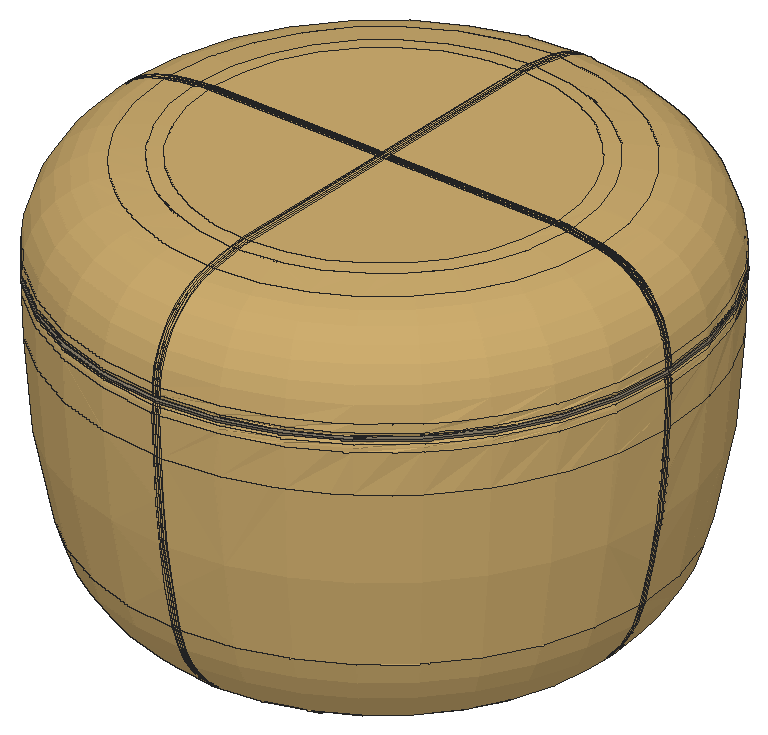
Revit family "okamura_MS36MSN_Lives Pouf_Φ600 H420_1", category Furniture, Revit 2017
Family settings
  OmniClass Number = 23.40.20.00
  OmniClass Title = General Furniture and Specialties
  Work Plane-Based = No
  Always vertical = Yes
  Cut with Voids When Loaded = No
  Shared = No
  Room Calculation Point = No
Parameters (values of type "FNW7（Yellow）")
  Serial No. [instance] = ""
  Remarks = ""
  Product Specifications [instance] = "Φ600 H420"  # constant formula
  Product Number = "MS36MSN"  # constant formula
  Product Name [instance] = "Lives Pouf"  # constant formula
  Product Code [instance] = "MS36MSN"  # constant formula
  Product Categories = "Collaboration"  # constant formula
  Manufacturer = "Okamura Corporation"  # constant formula
  Kind = "Stool"  # constant formula
  Introduction Date [instance] = ""
  Groove = okm_XW7
  Tag = okm_PE76
  Keynote = "12490"  # constant formula
  Common Specification = ""
  Color Name [instance] = "Yellow"
  Color Code [instance] = "FXW7"
  Body = okm_FXW7
  Ball edge = okm_FKY9
  Assembly Code = "E2020200"
  W = 600.0 mm  # constant formula
  URL = "http://www.okamura.co.jp/"
  Product_URL = ""
  ID [instance] = ""
  H = 420.0 mm  # constant formula
  D = 600.0 mm  # constant formula
  Copyright [instance] = "©2021.01 okamura Corp."  # constant formula
Types (10, lengths in mm): name | Groove | Tag | Color Name | Color Code | Body | Ball edge
  FNW2（Beige） | okm_XW2 | okm_P346 | "Beige" | "FNW2" | okm_FXW2 | okm_FKY7
  FNW3（Dark brown） | okm_XW3 | okm_P346 | "Dark brown" | "FNW3" | okm_FXW3 | okm_FKY3
  FNW1（Gray） | okm_XW1 | okm_P601 | "Gray" | "FNW1" | okm_FXW1 | okm_FKY2
  FNW4（Indigo） | okm_XW4 | okm_P601 | "Indigo" | "FNW4" | okm_FXW4 | okm_FKY4
  FNW9（Sage） | okm_XW9 | okm_P601 | "Sage" | "FXW9" | okm_FXW9 | okm_FKY6
  FNW5（Dark green） | okm_XW5 | okm_PE76 | "Dark green" | "FNW5" | okm_FXW5 | okm_FKY5
  FNW7（Yellow） | okm_XW7 | okm_PE76 | "Yellow" | "FXW7" | okm_FXW7 | okm_FKY9
  FNW6（Terracotta） | okm_XW6 | okm_PE77 | "Terracotta" | "FNW6" | okm_FXW6 | okm_FKY8
  FNW8（Pale pink） | okm_XW8 | okm_PE77 | "Pale pink" | "FXW8" | okm_FXW8 | okm_FKZ7
  FNW0（Dark gray） | okm_XW0 | okm_P601 | "Dark gray" | "FNW0" | okm_FXW0 | okm_FKY1
Reference planes
  plane 1 "Center (Front/Back)": y = -225
  plane 2: z = 0
  plane 3 "Center (Left/Right)": x = 0
  plane 4 "上": z = 420
  plane 5 "Back": y = 75
  plane 6 "Front": y = -525
  plane 7 "Left": x = -300
  plane 8 "Right": x = 300
Forms (mm)
  Revolve 1, solid, material "okm_FXW7" <- "Body"
    sketch origin (0, -225, 0) x (1, 0, 0) y (0, 0, 1)
      loop
        line (0, 420) -> (-181.277, 420)
        arc (-181.277, 420) -> (-188.916, 419.708) -> (-196.51, 418.833) r 100
        line (-196.51, 418.833) -> (-227.124, 414.115)
        arc (-227.124, 414.115) -> (-277.452, 386.863) -> (-299.093, 333.88) r 85
        line (-299.093, 333.88) -> (-299.459, 325.635)
        arc (-299.459, 325.635) -> (-299.308, 324.174) -> (-298.739, 322.82) r 5
        line (-298.739, 322.82) -> (-296.875, 319.747) -> (-298.626, 314.548)
        arc (-298.626, 314.548) -> (-299.463, 311.039) -> (-299.657, 307.437) r 20
        line (-299.657, 307.437) -> (-298.164, 266.509)
        arc (-298.164, 266.509) -> (-290.094, 178.686) -> (-272.407, 92.286) r 800
        arc (-272.407, 92.286) -> (-252.651, 48.971) -> (-219.522, 14.781) r 140
        arc (-219.522, 14.781) -> (-211.139, 10.494) -> (-201.84, 9.017) r 30
        line (-201.84, 9.017) -> (0, 9.017) -> (0, 420)
      axis (0, 420) -> (0, 9.017)
    angle from 0 to 360
  Revolve 2, solid, material "okm_FKY9" <- "Ball edge"
    sketch origin (0, -225, -1.055) x (1, 0, 0) y (0, 0, 1)
      loop
        circle (-297.046, 321.103) r 3
      axis (0, 321.103) -> (0, 320.103)
    angle from 0 to 360
  Extrusion 3, solid, material "okm_PE76" <- "Tag"
    sketch origin (0, 75.313, -0.625) x (0, 1, 0) y (0, 0, 1)
      loop
        line (37.534, 298.825) -> (34.019, 302.212)
        arc (34.019, 302.212) -> (28.992, 306.545) -> (23.517, 310.297) r 60
        line (23.517, 310.297) -> (22.306, 311.031)
        arc (22.306, 311.031) -> (15.941, 314.158) -> (9.124, 316.112) r 40
        line (9.124, 316.112) -> (-6.397, 319.103) -> (-7.043, 317.271) -> (8.521, 311.777)
        arc (8.521, 311.777) -> (15.548, 307.503) -> (20.261, 300.762) r 20
        line (20.261, 300.762) -> (23.616, 292.896)
        arc (23.616, 292.896) -> (30.506, 284.383) -> (40.846, 280.775) r 20
        line (40.846, 280.775) -> (43.291, 280.632)
        arc (43.291, 280.632) -> (46.401, 282.175) -> (46.653, 285.637) r 3.5
        line (46.653, 285.637) -> (45.865, 287.284)
        arc (45.865, 287.284) -> (42.217, 293.428) -> (37.534, 298.825) r 40
      loop
        arc (32.978, 301.132) -> (28.077, 305.357) -> (22.739, 309.014) r 58.5
        line (22.739, 309.014) -> (21.528, 309.749)
        arc (21.528, 309.749) -> (15.402, 312.759) -> (8.84, 314.639) r 38.5
        line (8.84, 314.639) -> (0.205, 316.303) -> (9.021, 313.191)
        arc (9.021, 313.191) -> (16.575, 308.597) -> (21.641, 301.351) r 21.5
        line (21.641, 301.351) -> (24.995, 293.485)
        arc (24.995, 293.485) -> (31.369, 285.61) -> (40.934, 282.273) r 18.5
        line (40.934, 282.273) -> (43.379, 282.13)
        arc (43.379, 282.13) -> (45.156, 283.011) -> (45.3, 284.99) r 2
        line (45.3, 284.99) -> (44.512, 286.636)
        arc (44.512, 286.636) -> (41.001, 292.55) -> (36.494, 297.745) r 38.5
        line (36.494, 297.745) -> (32.978, 301.132)
    from -23.845 to 24.327
  Revolve 4, solid, material "okm_G155"
    sketch origin (4349.354, -51.531, -213.314) x (0, 0, -1) y (1, 0, 0)
      loop
        line (-215.382, -4430.948) -> (-213.314, -4428.713) -> (-213.314, -4420.694) -> (-220.474, -4420.694) -> (-220.474, -4431.166) -> (-215.382, -4430.948)
      axis (-220.474, -4420.694) -> (-213.314, -4420.694)
    angle from 0 to 360
  Revolve 5, solid, material "okm_G155"
    sketch origin (4247.045, -153.645, -213.314) x (0, 0, -1) y (-1, 0, 0)
      loop
        line (-215.382, 4430.948) -> (-220.474, 4431.166) -> (-220.474, 4420.694) -> (-213.314, 4420.694) -> (-213.314, 4428.713) -> (-215.382, 4430.948)
      axis (-220.474, 4420.694) -> (-213.314, 4420.694)
    angle from 0 to 360
  Extrusion 6, void
    sketch origin (0, 0, 0) x (0, 1, 0) y (0, 0, 1)
      loop
        line (-220.775, -45.103) -> (-220.775, 475) -> (-229.225, 475) -> (-229.225, -45.103) -> (-220.775, -45.103)
    from -318.175 to 312.836
  Extrusion 7, void
    sketch origin (225, -225, 0) x (1, 0, 0) y (0, 0, -1)
      loop
        line (-220.775, 45.103) -> (-229.225, 45.103) -> (-229.225, -475) -> (-220.775, -475) -> (-220.775, 45.103)
    from -327.121 to 360
  Sweep 8, solid, material "okm_XW7" <- "Groove"
    path origin (0, -225, 0) x (1, 0, 0) y (0, 0, 1)
      loop
        arc (202.79, 9.033) -> (211.568, 10.652) -> (219.482, 14.782) r 30.01
        arc (219.482, 14.782) -> (252.616, 48.972) -> (272.376, 92.29) r 140
        arc (272.376, 92.29) -> (290.064, 178.688) -> (298.134, 266.508) r 799.909
        line (298.134, 266.508) -> (299.628, 307.437)
        arc (299.628, 307.437) -> (299.433, 311.039) -> (298.596, 314.548) r 20
        line (298.596, 314.548) -> (296.845, 319.747) -> (298.709, 322.82)
        arc (298.709, 322.82) -> (299.278, 324.174) -> (299.429, 325.635) r 5
        line (299.429, 325.635) -> (299.063, 333.879)
        arc (299.063, 333.879) -> (277.421, 386.862) -> (227.092, 414.114) r 85
        line (227.092, 414.114) -> (196.461, 418.834)
        arc (196.461, 418.834) -> (188.869, 419.708) -> (181.232, 420) r 100
        line (181.232, 420) -> (-181.232, 420)
        arc (-181.232, 420) -> (-188.869, 419.708) -> (-196.461, 418.834) r 100
        line (-196.461, 418.834) -> (-227.092, 414.114)
        arc (-227.092, 414.114) -> (-277.421, 386.862) -> (-299.063, 333.879) r 85
        line (-299.063, 333.879) -> (-299.429, 325.635)
        arc (-299.429, 325.635) -> (-299.278, 324.174) -> (-298.709, 322.82) r 5
        line (-298.709, 322.82) -> (-296.845, 319.747) -> (-298.596, 314.548)
        arc (-298.596, 314.548) -> (-299.433, 311.039) -> (-299.628, 307.437) r 20
        line (-299.628, 307.437) -> (-298.134, 266.508)
        arc (-298.134, 266.508) -> (-290.064, 178.688) -> (-272.376, 92.29) r 799.909
        arc (-272.376, 92.29) -> (-252.616, 48.972) -> (-219.482, 14.782) r 140
        arc (-219.482, 14.782) -> (-211.568, 10.652) -> (-202.79, 9.033) r 30.01
    profile origin (0, -225, 420) x (0, 0, -1) y (0, -1, 0)
      loop
        arc (0, 1) -> (0.119, 0.451) -> (0.453, 0) r 1.33
        arc (0.453, 0) -> (0.119, -0.451) -> (0, -1) r 1.33
        line (0, -1) -> (0, -3)
        arc (0, -3) -> (0.282, -3.791) -> (1, -4.225) r 1.25
        line (1, -4.225) -> (1, 4.225)
        arc (1, 4.225) -> (0.282, 3.791) -> (0, 3) r 1.25
        line (0, 3) -> (0, 1)
  Sweep 9, solid, material "okm_XW7" <- "Groove"
    path origin (0, -225, 0) x (0, 1, 0) y (0, 0, -1)
      loop
        arc (202.79, -9.033) -> (211.568, -10.652) -> (219.482, -14.782) r 30.01
        arc (219.482, -14.782) -> (252.616, -48.972) -> (272.376, -92.29) r 140
        arc (272.376, -92.29) -> (290.064, -178.688) -> (298.134, -266.508) r 799.909
        line (298.134, -266.508) -> (299.628, -307.437)
        arc (299.628, -307.437) -> (299.433, -311.039) -> (298.596, -314.548) r 20
        line (298.596, -314.548) -> (296.845, -319.747) -> (298.709, -322.82)
        arc (298.709, -322.82) -> (299.278, -324.174) -> (299.429, -325.635) r 5
        line (299.429, -325.635) -> (299.063, -333.879)
        arc (299.063, -333.879) -> (277.421, -386.862) -> (227.092, -414.114) r 85
        line (227.092, -414.114) -> (196.461, -418.834)
        arc (196.461, -418.834) -> (188.869, -419.708) -> (181.232, -420) r 100
        line (181.232, -420) -> (-181.232, -420)
        arc (-181.232, -420) -> (-188.869, -419.708) -> (-196.461, -418.834) r 100
        line (-196.461, -418.834) -> (-227.092, -414.114)
        arc (-227.092, -414.114) -> (-277.421, -386.862) -> (-299.063, -333.879) r 85
        line (-299.063, -333.879) -> (-299.429, -325.635)
        arc (-299.429, -325.635) -> (-299.278, -324.174) -> (-298.709, -322.82) r 5
        line (-298.709, -322.82) -> (-296.845, -319.747) -> (-298.596, -314.548)
        arc (-298.596, -314.548) -> (-299.433, -311.039) -> (-299.628, -307.437) r 20
        line (-299.628, -307.437) -> (-298.134, -266.508)
        arc (-298.134, -266.508) -> (-290.064, -178.688) -> (-272.376, -92.29) r 799.909
        arc (-272.376, -92.29) -> (-252.616, -48.972) -> (-219.482, -14.782) r 140
        arc (-219.482, -14.782) -> (-211.568, -10.652) -> (-202.79, -9.033) r 30.01
    profile origin (0, -225, 420) x (0, 0, 1) y (-1, 0, 0)
      loop
        line (0, 1) -> (0, 3)
        arc (0, 3) -> (-0.282, 3.791) -> (-1, 4.225) r 1.25
        line (-1, 4.225) -> (-1, -4.225)
        arc (-1, -4.225) -> (-0.282, -3.791) -> (0, -3) r 1.25
        line (0, -3) -> (0, -1)
        arc (0, -1) -> (-0.119, -0.451) -> (-0.453, 0) r 1.33
        arc (-0.453, 0) -> (-0.119, 0.451) -> (0, 1) r 1.33
  Revolve 10, solid, material "okm_G155"
    sketch origin (-4349.354, -51.531, -213.314) x (0, 0, -1) y (1, 0, 0)
      loop
        line (-215.382, 4430.948) -> (-220.474, 4431.166) -> (-220.474, 4420.694) -> (-213.314, 4420.694) -> (-213.314, 4428.713) -> (-215.382, 4430.948)
      axis (-220.474, 4420.694) -> (-213.314, 4420.694)
    angle from 0 to 360
  Revolve 11, solid, material "okm_G155"
    sketch origin (-4247.045, -153.645, -213.314) x (0, 0, -1) y (-1, 0, 0)
      loop
        line (-215.382, -4430.948) -> (-213.314, -4428.713) -> (-213.314, -4420.694) -> (-220.474, -4420.694) -> (-220.474, -4431.166) -> (-215.382, -4430.948)
      axis (-220.474, -4420.694) -> (-213.314, -4420.694)
    angle from 0 to 360
  Revolve 12, solid, material "okm_G155"
    sketch origin (4349.354, -398.469, -213.314) x (0, 0, -1) y (-1, 0, 0)
      loop
        line (-215.382, 4430.948) -> (-220.474, 4431.166) -> (-220.474, 4420.694) -> (-213.314, 4420.694) -> (-213.314, 4428.713) -> (-215.382, 4430.948)
      axis (-220.474, 4420.694) -> (-213.314, 4420.694)
    angle from 0 to 360
  Revolve 13, solid, material "okm_G155"
    sketch origin (4247.045, -296.355, -213.314) x (0, 0, -1) y (1, 0, 0)
      loop
        line (-215.382, -4430.948) -> (-213.314, -4428.713) -> (-213.314, -4420.694) -> (-220.474, -4420.694) -> (-220.474, -4431.166) -> (-215.382, -4430.948)
      axis (-220.474, -4420.694) -> (-213.314, -4420.694)
    angle from 0 to 360
  Revolve 14, solid, material "okm_G155"
    sketch origin (-4349.354, -398.469, -213.314) x (0, 0, -1) y (-1, 0, 0)
      loop
        line (-215.382, -4430.948) -> (-213.314, -4428.713) -> (-213.314, -4420.694) -> (-220.474, -4420.694) -> (-220.474, -4431.166) -> (-215.382, -4430.948)
      axis (-220.474, -4420.694) -> (-213.314, -4420.694)
    angle from 0 to 360
  Revolve 15, solid, material "okm_G155"
    sketch origin (-4247.045, -296.355, -213.314) x (0, 0, -1) y (1, 0, 0)
      loop
        line (-215.382, 4430.948) -> (-220.474, 4431.166) -> (-220.474, 4420.694) -> (-213.314, 4420.694) -> (-213.314, 4428.713) -> (-215.382, 4430.948)
      axis (-220.474, 4420.694) -> (-213.314, 4420.694)
    angle from 0 to 360
  Extrusion 16, solid, material "okm_G155"
    sketch origin (0, 0, 0) x (1, 0, 0) y (0, 1, 0)
      loop
        circle (0, -225) r 203.767
    from 6.992 to 9.82
Cuts and joins
  Extrusion 6, Extrusion 7 cuts Revolve 1
  Extrusion 6, Extrusion 7 cuts Revolve 4
  Extrusion 6, Extrusion 7 cuts Revolve 5
  joined: Revolve 4, Revolve 5, Revolve 10, Revolve 11, Revolve 12, Revolve 13, Revolve 14, Revolve 15, Extrusion 16
Lines and regions (mm)
  Masking region 1
    outline origin (0, 0, 0) x (1, 0, 0) y (0, 1, 0)
      loop
        circle (-0.001, -224.999) r 300
  symbolic lines, style "okm_標準・詳細", detail levels medium+fine
    curve 1: circle (0.001, -225.001, 0) r 300 normal (0, 0, 1)
  symbolic lines, style "okm_簡略", detail levels coarse
    curve 2: circle (-0.001, -224.999, 0) r 300 normal (0, 0, 1)
Dimensions and locks
  "H": plane 4 "上" to level
  "W": plane 7 "Left" to plane 8 "Right"
  equal spacing: plane 7 "Left", plane 3 "Center (Left/Right)", plane 8 "Right"
  "D": plane 6 "Front" to plane 5 "Back"
  equal spacing: plane 6 "Front", plane 1 "Center (Front/Back)", plane 5 "Back"
  aligned and locked: level to plane 2
Automatic sketch dimensions
  curve 2 to plane 3 "Center (Left/Right)" = 0.001 mm
  plane 3 "Center (Left/Right)" to curve 1 = 0.001 mm
  plane 1 "Center (Front/Back)" to curve 1 = 0.001 mm
  curve 2 to plane 1 "Center (Front/Back)" = 0.001 mm
  Revolve 1 sketch curve to plane 4 "上" = 0.0 mm
  Revolve 1 sketch curve to plane 3 "Center (Left/Right)" = 0.0 mm  (x2)
  Revolve 1 sketch curve to plane 4 "上" = 1.167 mm
  Revolve 1 sketch curve to Revolve 1 sketch curve = 15.232 mm
  Revolve 1 sketch curve to Revolve 1 sketch curve = 14.793 mm
  Revolve 1 sketch curve to Revolve 1 sketch curve = 2.411 mm
  Revolve 1 sketch curve to Revolve 1 sketch curve = 18.493 mm
  Revolve 1 sketch curve to Revolve 1 sketch curve = 1.75 mm
  Revolve 1 sketch curve to Revolve 1 sketch curve = 1.864 mm
  Revolve 1 sketch curve to Revolve 1 sketch curve = 4.629 mm
  Revolve 1 sketch curve to Revolve 1 sketch curve = 0.72 mm
  Revolve 1 sketch curve to Revolve 1 sketch curve = 1.032 mm
  Revolve 1 sketch curve to plane 4 "上" = 124.316 mm
  Revolve 1 sketch curve to Revolve 1 sketch curve = 53.491 mm
  level to Revolve 1 sketch curve = 127.881 mm
  level to Revolve 1 sketch curve = 39.017 mm
  level to Revolve 1 sketch curve = 9.017 mm
  Revolve 1 sketch curve to Revolve 1 sketch curve = 40.929 mm
  Revolve 1 sketch curve to Revolve 1 sketch curve = 0.729 mm
  Revolve 1 sketch curve to Revolve 1 sketch curve = 5.199 mm
  Revolve 1 sketch curve to Revolve 1 sketch curve = 3.073 mm
  Revolve 1 sketch curve to Revolve 1 sketch curve = 2.593 mm
  Revolve 1 sketch curve to Revolve 1 sketch curve = 10.107 mm
  Revolve 1 sketch curve to Revolve 1 sketch curve = 8.245 mm
  Revolve 1 sketch curve to Revolve 1 sketch curve = 0.0 mm
  Revolve 1 sketch curve to level = 440.494 mm
  plane 4 "上" to Revolve 1 sketch curve = 1497.414 mm
  plane 3 "Center (Left/Right)" to Revolve 2 sketch curve = 0.0 mm
  Revolve 2 sketch curve to plane 4 "上" = 99.952 mm
  Revolve 2 sketch curve to level = 441.549 mm
  plane 4 "上" to Revolve 2 sketch curve = 1496.36 mm
  Extrusion 3 sketch curve to Extrusion 3 sketch curve = 0.0 mm  (x18)
  Extrusion 3 sketch curve to Extrusion 3 sketch curve = 0.565 mm
  Extrusion 3 sketch curve to Extrusion 3 sketch curve = 0.647 mm  (x2)
  Extrusion 3 sketch curve to Extrusion 3 sketch curve = 6.602 mm
  Extrusion 3 sketch curve to Extrusion 3 sketch curve = 9.165 mm
  Extrusion 3 sketch curve to Extrusion 3 sketch curve = 0.308 mm
  Extrusion 3 sketch curve to Extrusion 3 sketch curve = 8.316 mm
  Extrusion 3 sketch curve to Extrusion 3 sketch curve = 0.319 mm
  Extrusion 3 sketch curve to Extrusion 3 sketch curve = 0.181 mm
  Extrusion 3 sketch curve to Extrusion 3 sketch curve = 0.284 mm
  Extrusion 3 sketch curve to Extrusion 3 sketch curve = 8.227 mm
  Extrusion 3 sketch curve to Extrusion 3 sketch curve = 11.74 mm
  Extrusion 3 sketch curve to Extrusion 3 sketch curve = 1.267 mm
  Extrusion 3 sketch curve to Extrusion 3 sketch curve = 1.38 mm  (x2)
  Extrusion 3 sketch curve to Extrusion 3 sketch curve = 0.778 mm
  Extrusion 3 sketch curve to Extrusion 3 sketch curve = 1.211 mm  (x2)
  Extrusion 3 sketch curve to Extrusion 3 sketch curve = 3.354 mm
  Extrusion 3 sketch curve to Extrusion 3 sketch curve = 7.982 mm
  Extrusion 3 sketch curve to Extrusion 3 sketch curve = 1.041 mm  (x2)
  Extrusion 3 sketch curve to Extrusion 3 sketch curve = 3.516 mm
  Extrusion 3 sketch curve to Extrusion 3 sketch curve = 4.353 mm
  Extrusion 3 sketch curve to Extrusion 3 sketch curve = 0.087 mm  (x2)
  Extrusion 3 sketch curve to Extrusion 3 sketch curve = 4.478 mm
  Extrusion 3 sketch curve to Extrusion 3 sketch curve = 2.445 mm
  Extrusion 3 sketch curve to Extrusion 3 sketch curve = 0.117 mm
  Extrusion 3 sketch curve to Extrusion 3 sketch curve = 1.016 mm
  Extrusion 3 sketch curve to Extrusion 3 sketch curve = 0.788 mm
  Extrusion 3 sketch curve to Extrusion 3 sketch curve = 1.353 mm  (x2)
  Extrusion 3 sketch curve to plane 4 "上" = 161.623 mm
  Extrusion 3 sketch curve to Extrusion 3 sketch curve = 11.017 mm
  Extrusion 3 sketch curve to Extrusion 3 sketch curve = 6.816 mm
  Extrusion 3 sketch curve to Extrusion 3 sketch curve = 10.614 mm
  Extrusion 3 sketch curve to Extrusion 3 sketch curve = 0.143 mm
  Extrusion 3 sketch curve to Extrusion 3 sketch curve = 1.497 mm  (x2)
  Extrusion 3 sketch curve to Extrusion 3 sketch curve = 1.997 mm
  Extrusion 3 sketch curve to Extrusion 3 sketch curve = 1.646 mm
  Extrusion 3 sketch curve to Extrusion 3 sketch curve = 4.849 mm
  Extrusion 3 sketch curve to Extrusion 3 sketch curve = 16.083 mm
  Extrusion 3 sketch curve to Extrusion 3 sketch curve = 7.866 mm
  Extrusion 3 sketch curve to Extrusion 3 sketch curve = 3.387 mm
  Extrusion 3 sketch curve to Extrusion 3 sketch curve = 0.588 mm
  Extrusion 3 sketch curve to Extrusion 3 sketch curve = 1.08 mm
  Extrusion 3 sketch curve to Extrusion 3 sketch curve = 0.735 mm  (x2)
  Extrusion 3 sketch curve to Extrusion 3 sketch curve = 1.664 mm
  Extrusion 3 sketch curve to Extrusion 3 sketch curve = 0.968 mm
  Revolve 4 sketch curve to level = 0.0 mm  (x2)
  level to Revolve 4 sketch curve = 2.069 mm
  level to Revolve 4 sketch curve = 7.161 mm
  Revolve 4 sketch curve to plane 3 "Center (Left/Right)" = 81.812 mm
  Revolve 4 sketch curve to Revolve 4 sketch curve = 0.219 mm
  Revolve 4 sketch curve to Revolve 4 sketch curve = 2.234 mm
  Revolve 4 sketch curve to Revolve 4 sketch curve = 8.02 mm
  Revolve 4 sketch curve to Revolve 4 sketch curve = 8.149 mm
  Revolve 4 sketch curve to Revolve 4 sketch curve = 0.0 mm
  Revolve 5 sketch curve to level = 0.0 mm  (x2)
  level to Revolve 5 sketch curve = 2.069 mm
  level to Revolve 5 sketch curve = 7.161 mm
  Revolve 5 sketch curve to Revolve 5 sketch curve = 8.02 mm
  Revolve 5 sketch curve to Revolve 5 sketch curve = 2.234 mm
  Revolve 5 sketch curve to Revolve 5 sketch curve = 0.219 mm
  Revolve 5 sketch curve to Revolve 5 sketch curve = 8.149 mm
  Revolve 5 sketch curve to Revolve 5 sketch curve = 0.0 mm
  plane 1 "Center (Front/Back)" to Extrusion 6 sketch curve = 4.225 mm
  Extrusion 6 sketch curve to plane 1 "Center (Front/Back)" = 4.225 mm
  Extrusion 6 sketch curve to level = 45.103 mm
  plane 4 "上" to Extrusion 6 sketch curve = 55.0 mm
  Extrusion 7 sketch curve to plane 3 "Center (Left/Right)" = 4.225 mm
  plane 3 "Center (Left/Right)" to Extrusion 7 sketch curve = 4.225 mm
  plane 4 "上" to Extrusion 7 sketch curve = 55.0 mm
  Extrusion 7 sketch curve to level = 45.103 mm
  Masking region 1 sketch curve to plane 3 "Center (Left/Right)" = 0.001 mm
  Masking region 1 sketch curve to plane 1 "Center (Front/Back)" = 0.001 mm
  Sweep 8 sketch curve to plane 4 "上" = 0.0 mm
  Sweep 8 sketch curve to plane 4 "上" = 124.317 mm  (x2)
  Sweep 8 sketch curve to Sweep 8 sketch curve = 0.198 mm
  Sweep 8 sketch curve to Sweep 8 sketch curve = 0.366 mm
  Sweep 8 sketch curve to Sweep 8 sketch curve = 0.72 mm  (x2)
  Sweep 8 sketch curve to Sweep 8 sketch curve = 1.032 mm  (x2)
  Sweep 8 sketch curve to Sweep 8 sketch curve = 1.494 mm
  Sweep 8 sketch curve to Sweep 8 sketch curve = 1.864 mm  (x2)
  Sweep 8 sketch curve to Sweep 8 sketch curve = 4.995 mm
  Sweep 8 sketch curve to Sweep 8 sketch curve = 18.955 mm
  Sweep 8 sketch curve to plane 4 "上" = 1.166 mm  (x2)
  Sweep 8 sketch curve to Sweep 8 sketch curve = 32.915 mm  (x2)
  Sweep 8 sketch curve to Sweep 8 sketch curve = 15.229 mm  (x2)
  Sweep 8 sketch curve to Sweep 8 sketch curve = 14.793 mm
  Sweep 8 sketch curve to Sweep 8 sketch curve = 2.411 mm
  Sweep 8 sketch curve to Sweep 8 sketch curve = 18.493 mm
  Sweep 8 sketch curve to Sweep 8 sketch curve = 1.75 mm
  Sweep 8 sketch curve to Sweep 8 sketch curve = 4.629 mm
  Sweep 8 sketch curve to Sweep 8 sketch curve = 201.616 mm
  Sweep 8 sketch curve to Sweep 8 sketch curve = 53.492 mm  (x2)
  level to Sweep 8 sketch curve = 127.888 mm  (x2)
  level to Sweep 8 sketch curve = 39.027 mm  (x2)
  Sweep 8 sketch curve to Sweep 8 sketch curve = 40.929 mm  (x2)
  Sweep 8 sketch curve to Sweep 8 sketch curve = 0.729 mm  (x2)
  Sweep 8 sketch curve to Sweep 8 sketch curve = 5.199 mm  (x2)
  Sweep 8 sketch curve to Sweep 8 sketch curve = 3.073 mm  (x2)
  Sweep 8 sketch curve to Sweep 8 sketch curve = 2.593 mm  (x2)
  Sweep 8 sketch curve to Sweep 8 sketch curve = 10.105 mm  (x2)
  Sweep 8 sketch curve to Sweep 8 sketch curve = 8.244 mm  (x2)
  Sweep 8 sketch curve to Sweep 8 sketch curve = 0.0 mm  (x3)
  level to Sweep 8 sketch curve = 9.033 mm  (x2)
  Sweep 8 sketch curve to profile plane = 0.0 mm  (x3)
  Sweep 8 sketch curve to profile plane = 1.0 mm
  Sweep 8 sketch curve to Sweep 8 sketch curve = 0.25 mm  (x2)
  Sweep 8 sketch curve to Sweep 8 sketch curve = 1.33 mm  (x2)
  profile plane to Sweep 8 sketch curve = 1.0 mm
  Sweep 8 sketch curve to Sweep 8 sketch curve = 2.0 mm  (x2)
  Sweep 9 sketch curve to plane 4 "上" = 0.0 mm
  Sweep 9 sketch curve to plane 4 "上" = 124.317 mm  (x2)
  Sweep 9 sketch curve to Sweep 9 sketch curve = 0.198 mm
  Sweep 9 sketch curve to Sweep 9 sketch curve = 0.366 mm
  Sweep 9 sketch curve to Sweep 9 sketch curve = 0.72 mm  (x2)
  Sweep 9 sketch curve to Sweep 9 sketch curve = 1.032 mm  (x2)
  Sweep 9 sketch curve to Sweep 9 sketch curve = 1.494 mm
  Sweep 9 sketch curve to Sweep 9 sketch curve = 1.864 mm  (x2)
  Sweep 9 sketch curve to Sweep 9 sketch curve = 4.275 mm
  Sweep 9 sketch curve to Sweep 9 sketch curve = 18.955 mm
  Sweep 9 sketch curve to plane 4 "上" = 1.166 mm  (x2)
  Sweep 9 sketch curve to Sweep 9 sketch curve = 32.915 mm  (x2)
  Sweep 9 sketch curve to Sweep 9 sketch curve = 15.229 mm  (x2)
  Sweep 9 sketch curve to Sweep 9 sketch curve = 14.793 mm
  Sweep 9 sketch curve to Sweep 9 sketch curve = 2.411 mm
  Sweep 9 sketch curve to Sweep 9 sketch curve = 18.493 mm
  Sweep 9 sketch curve to Sweep 9 sketch curve = 1.75 mm
  Sweep 9 sketch curve to Sweep 9 sketch curve = 4.629 mm
  Sweep 9 sketch curve to Sweep 9 sketch curve = 201.616 mm
  Sweep 9 sketch curve to plane 4 "上" = 5.886 mm  (x2)
  Sweep 9 sketch curve to plane 4 "上" = 86.121 mm  (x2)
  Sweep 9 sketch curve to Sweep 9 sketch curve = 8.244 mm  (x2)
  Sweep 9 sketch curve to Sweep 9 sketch curve = 0.222 mm  (x2)
  Sweep 9 sketch curve to Sweep 9 sketch curve = 3.073 mm  (x2)
  Sweep 9 sketch curve to Sweep 9 sketch curve = 5.199 mm  (x2)
  Sweep 9 sketch curve to Sweep 9 sketch curve = 6.381 mm  (x2)
  Sweep 9 sketch curve to Sweep 9 sketch curve = 40.929 mm  (x2)
  level to Sweep 9 sketch curve = 127.888 mm  (x2)
  level to Sweep 9 sketch curve = 39.027 mm  (x2)
  Sweep 9 sketch curve to Sweep 9 sketch curve = 0.0 mm  (x3)
  level to Sweep 9 sketch curve = 9.033 mm  (x2)
  profile plane to Sweep 9 sketch curve = 0.0 mm
  Sweep 9 sketch curve to profile plane = 0.0 mm  (x2)
  profile plane to Sweep 9 sketch curve = 1.0 mm  (x2)
  Sweep 9 sketch curve to Sweep 9 sketch curve = 0.25 mm  (x2)
  Sweep 9 sketch curve to Sweep 9 sketch curve = 1.33 mm  (x2)
  Sweep 9 sketch curve to Sweep 9 sketch curve = 2.0 mm  (x2)
  Revolve 10 sketch curve to level = 0.0 mm  (x2)
  level to Revolve 10 sketch curve = 2.069 mm
  level to Revolve 10 sketch curve = 7.161 mm
  plane 3 "Center (Left/Right)" to Revolve 10 sketch curve = 71.339 mm
  Revolve 10 sketch curve to Revolve 10 sketch curve = 8.02 mm
  Revolve 10 sketch curve to Revolve 10 sketch curve = 2.234 mm
  Revolve 10 sketch curve to Revolve 10 sketch curve = 0.219 mm
  Revolve 10 sketch curve to Revolve 10 sketch curve = 8.149 mm
  Revolve 10 sketch curve to Revolve 10 sketch curve = 0.0 mm
  Revolve 11 sketch curve to level = 0.0 mm  (x2)
  level to Revolve 11 sketch curve = 2.069 mm
  level to Revolve 11 sketch curve = 7.161 mm
  Revolve 11 sketch curve to Revolve 11 sketch curve = 0.219 mm
  Revolve 11 sketch curve to Revolve 11 sketch curve = 2.234 mm
  Revolve 11 sketch curve to Revolve 11 sketch curve = 8.02 mm
  Revolve 11 sketch curve to Revolve 11 sketch curve = 8.149 mm
  Revolve 11 sketch curve to Revolve 11 sketch curve = 0.0 mm
  Revolve 12 sketch curve to level = 0.0 mm  (x2)
  level to Revolve 12 sketch curve = 2.069 mm
  level to Revolve 12 sketch curve = 7.161 mm
  Revolve 12 sketch curve to plane 3 "Center (Left/Right)" = 71.339 mm
  Revolve 12 sketch curve to Revolve 12 sketch curve = 8.02 mm
  Revolve 12 sketch curve to Revolve 12 sketch curve = 2.234 mm
  Revolve 12 sketch curve to Revolve 12 sketch curve = 0.219 mm
  Revolve 12 sketch curve to Revolve 12 sketch curve = 8.149 mm
  Revolve 12 sketch curve to Revolve 12 sketch curve = 0.0 mm
  Revolve 13 sketch curve to level = 0.0 mm  (x2)
  level to Revolve 13 sketch curve = 2.069 mm
  level to Revolve 13 sketch curve = 7.161 mm
  Revolve 13 sketch curve to Revolve 13 sketch curve = 0.219 mm
  Revolve 13 sketch curve to Revolve 13 sketch curve = 2.234 mm
  Revolve 13 sketch curve to Revolve 13 sketch curve = 8.02 mm
  Revolve 13 sketch curve to Revolve 13 sketch curve = 8.149 mm
  Revolve 13 sketch curve to Revolve 13 sketch curve = 0.0 mm
  Revolve 14 sketch curve to level = 0.0 mm  (x2)
  level to Revolve 14 sketch curve = 2.069 mm
  level to Revolve 14 sketch curve = 7.161 mm
  plane 3 "Center (Left/Right)" to Revolve 14 sketch curve = 81.812 mm
  Revolve 14 sketch curve to Revolve 14 sketch curve = 0.219 mm
  Revolve 14 sketch curve to Revolve 14 sketch curve = 2.234 mm
  Revolve 14 sketch curve to Revolve 14 sketch curve = 8.02 mm
  Revolve 14 sketch curve to Revolve 14 sketch curve = 8.149 mm
  Revolve 14 sketch curve to Revolve 14 sketch curve = 0.0 mm
  Revolve 15 sketch curve to level = 0.0 mm  (x2)
  level to Revolve 15 sketch curve = 2.069 mm
  level to Revolve 15 sketch curve = 7.161 mm
  Revolve 15 sketch curve to Revolve 15 sketch curve = 8.02 mm
  Revolve 15 sketch curve to Revolve 15 sketch curve = 2.234 mm
  Revolve 15 sketch curve to Revolve 15 sketch curve = 0.219 mm
  Revolve 15 sketch curve to Revolve 15 sketch curve = 8.149 mm
  Revolve 15 sketch curve to Revolve 15 sketch curve = 0.0 mm
  Revolve 1 sketch curve to plane 3 "Center (Left/Right)" = 137.008 mm
  plane 7 "Left" to Revolve 1 sketch curve = 118.723 mm
  plane 7 "Left" to Revolve 1 sketch curve = 98.16 mm
  Revolve 1 sketch curve to Revolve 1 sketch curve = 32.899 mm
  Revolve 1 sketch curve to plane 4 "上" = 5.885 mm
  Revolve 1 sketch curve to Revolve 1 sketch curve = 30.614 mm
  plane 7 "Left" to Revolve 2 sketch curve = 2.954 mm
  plane 7 "Left" to Revolve 5 sketch curve = 126.351 mm
  Sweep 8 sketch curve to plane 3 "Center (Left/Right)" = 136.977 mm
  plane 7 "Left" to Sweep 8 sketch curve = 118.768 mm
  plane 7 "Left" to Sweep 8 sketch curve = 98.204 mm
  Sweep 8 sketch curve to plane 4 "上" = 5.886 mm  (x2)
  Sweep 8 sketch curve to Sweep 8 sketch curve = 30.63 mm  (x2)
  Sweep 8 sketch curve to plane 7 "Left" = 201.243 mm
  plane 7 "Left" to Revolve 13 sketch curve = 115.879 mm
  plane 8 "Right" to Revolve 1 sketch curve = 201.304 mm
  plane 3 "Center (Left/Right)" to Sweep 8 sketch curve = 136.977 mm
  Sweep 8 sketch curve to plane 8 "Right" = 118.768 mm
  Sweep 8 sketch curve to plane 8 "Right" = 98.204 mm
  Sweep 8 sketch curve to Sweep 8 sketch curve = 0.993 mm
  Revolve 11 sketch curve to plane 8 "Right" = 115.879 mm
  Revolve 15 sketch curve to plane 8 "Right" = 126.351 mm
  plane 5 "Back" to Extrusion 3 sketch curve = 7.296 mm
  Sweep 9 sketch curve to plane 1 "Center (Front/Back)" = 136.977 mm
  plane 5 "Back" to Sweep 9 sketch curve = 118.768 mm
  plane 5 "Back" to Sweep 9 sketch curve = 98.204 mm
  Sweep 9 sketch curve to Sweep 9 sketch curve = 30.63 mm  (x2)
  plane 5 "Back" to Sweep 9 sketch curve = 20.359 mm
  Sweep 9 sketch curve to Sweep 9 sketch curve = 0.993 mm
  plane 1 "Center (Front/Back)" to Sweep 9 sketch curve = 136.977 mm
  Sweep 9 sketch curve to plane 6 "Front" = 118.768 mm
  Sweep 9 sketch curve to plane 6 "Front" = 98.204 mm
  Sweep 9 sketch curve to Sweep 9 sketch curve = 65.494 mm
  plane 6 "Front" to Sweep 9 sketch curve = 201.243 mm
  plane 1 "Center (Front/Back)" to Extrusion 16 sketch curve = 0.0 mm
  Extrusion 16 sketch curve to plane 3 "Center (Left/Right)" = 0.0 mm
  radius of curve 1 = 300.0 mm
  radius of curve 2 = 300.0 mm
  radius of Revolve 2 sketch curve = 3.0 mm
  radius of Masking region 1 sketch curve = 300.0 mm
  radius of Extrusion 16 sketch curve = 203.767 mm
